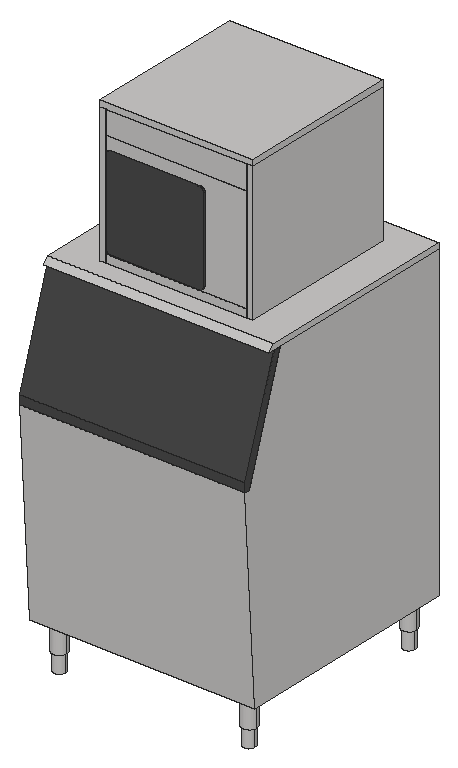
Revit family "QF_ZANUSSI_730292_IGF225M230SNP", category Attrezzature speciali, Revit 2018
Family settings
  Quota connettore circolare = Usa diametro
  Tipo di parte = Normale
  Basato su piano di lavoro = No
  Sempre verticale = Sì
  Taglio con vuoti quando caricato = No
  Condiviso = No
  Punto di calcolo locali = No
Parameters (values of type "Standard")
  Weight = 52.00 kg
  Watts = 0 W
  Volts = 220 V
  URL Manufacturer = "http://www.zanussiprofessional.com"
  URL = "http://www.zanussiprofessional.com"
  Steam Supply Size = 0 mm
  Steam Supply Minimum Pressure = 0.0 Pa
  Steam Supply Maximum Pressure = 0.0 Pa
  Steam Pounds per Hour = 0
  Show Logo [instance] = yes
  Show Clearance [instance] = yes
  Refrigeration Suction Line Size = 0 mm
  Refrigeration Liquid Line Size = 0 mm
  Refrigerant Compressor Remote = yes
  Produttore = "Zanussi"
  Phase = 1
  Modello = "IGF225M230SNP"
  Length Actual = 762 mm  # constant formula
  Item Number = "730292"
  Hot Water Size = 0 mm
  Height Actual = 1751 mm  # constant formula
  HP = "0 HP"
  Gas Size = 0 mm
  Gas KW = 0
  Gas Input Pressure = 0 W
  Descrizione = "WATER COOLED GRANULAR ICE 234KG/24H+BIN 230KG MODULAR"
  Depth Actual = 819 mm  # constant formula
  Cycle = 50 Hz
  Condensate Return Size = 0 mm
  Compressed Air Volume = 0.0 L/s
  Compressed Air Size = 0 mm
  Compressed Air Pressure = 0.0 Pa
  Cold Water Size = 19.05 mm
  Accessory = yes
Reference planes
  plane 1 "Center X": y = 272.851
  plane 2: z = 0
  plane 3 "Center Y": x = -501.5
  plane 4 "TOP": z = 1710
  plane 5: x = -264
  plane 6: z = 1252
  plane 7: z = 1690
  plane 8: z = 1610
  plane 9 "LEFT": x = -882.5
  plane 10 "RIGHT": x = -120.5
  plane 11 "FRONT": y = -136.649
  plane 12 "BACK": y = 682.351
  plane 13: z = 153
  plane 14: z = 825
  plane 15: y = -93.649
  plane 16: z = 1224
  plane 17: y = -35.649
  plane 18: z = 1204
Forms (mm)
  Extrusion 1, solid, material "QF_Finishes_Stainless Steel"
    sketch origin (0, 50.5, 1224) x (1, 0, 0) y (0, 1, 0)
      loop
        line (-759, 547.851) -> (-759, -2.149) -> (-739, -2.149) -> (-739, 547.851) -> (-759, 547.851)
      loop
        line (-264, 547.851) -> (-264, -2.149) -> (-244, -2.149) -> (-244, 547.851) -> (-264, 547.851)
    from 0 to 466
  Extrusion 2, solid, material "QF_Finishes_Stainless Steel"
    sketch origin (0, 50.5, 1224) x (1, 0, 0) y (0, 1, 0)
      loop
        line (-759, 547.851) -> (-759, -2.149) -> (-244, -2.149) -> (-244, 547.851) -> (-759, 547.851)
    from 466 to 486
  Extrusion 3, solid, material "QF_Finishes_Stainless Steel"
    sketch origin (0, 50.5, 1224) x (1, 0, 0) y (0, 1, 0)
      loop
        line (-739, 547.851) -> (-739, -2.149) -> (-264, -2.149) -> (-264, 547.851) -> (-739, 547.851)
    from 0 to 28
  Extrusion 4, solid, material "QF_Finishes_Black"
    sketch origin (-264, 48.351, 1224) x (-1, 0, 0) y (0, 0, -1)
      loop
        arc (457.5, -346) -> (468.107, -341.607) -> (472.5, -331) r 15
        line (472.5, -331) -> (472.5, -46.529)
        arc (472.5, -46.529) -> (468.107, -35.923) -> (457.5, -31.529) r 15
        line (457.5, -31.529) -> (156.771, -31.529)
        arc (156.771, -31.529) -> (146.165, -35.923) -> (141.771, -46.529) r 15
        line (141.771, -46.529) -> (141.771, -331)
        arc (141.771, -331) -> (146.165, -341.607) -> (156.771, -346) r 15
        line (156.771, -346) -> (457.5, -346)
    from 0 to 2
  Extrusion 5, solid, material "QF_Finishes_Stainless Steel"
    sketch origin (0, 50.5, 1582) x (1, 0, 0) y (0, 1, 0)
      loop
        line (-739, 17.851) -> (-739, -2.149) -> (-264, -2.149) -> (-264, 17.851) -> (-739, 17.851)
    from 28 to 108
  Extrusion 6, solid, material "QF_Finishes_Stainless Steel"
    sketch origin (-501.5, 50.5, 1224) x (0, 1, 0) y (0, 0, 1)
      loop
        line (547.851, 28) -> (547.851, 466) -> (17.851, 466) -> (17.851, 386) -> (-2.149, 386) -> (-2.149, 28) -> (547.851, 28)
    from -237.5 to 237.5
  Extrusion 7, solid, material "QF_Finishes_Stainless Steel"
    sketch origin (-530.119, 598.351, 466.153) x (0, 0, -1) y (-1, 0, 0)
      loop
        circle (-808.847, -214.119) r 10
    from 0 to 10
  Extrusion 8, solid, material "QF_Finishes_Stainless Steel"
    sketch origin (-560.119, 598.351, 479.153) x (0, 0, -1) y (-1, 0, 0)
      loop
        circle (-808.847, -214.119) r 10
    from 0 to 10
  Extrusion 9, solid, material "QF_Finishes_Stainless Steel"
    sketch origin (-570.119, 598.351, 454.153) x (0, 0, -1) y (-1, 0, 0)
      loop
        circle (-808.847, -214.119) r 10
    from 0 to 10
  Extrusion 10, solid, material "QF_Finishes_Stainless Steel"
    sketch origin (-501.5, 0, 0) x (0, 1, 0) y (0, 0, 1)
      loop
        line (-93.649, 153) -> (682.351, 153) -> (682.351, 1204) -> (8.276, 1204) -> (-122.224, 825) -> (-136.649, 825) -> (-93.649, 153)
    from -381 to 381
  Extrusion 11, solid, material "QF_Finishes_Black"
    sketch origin (-501.5, 0, 0) x (0, 1, 0) y (0, 0, 1)
      loop
        line (-122.224, 825) -> (8.276, 1204) -> (-16.479, 1204) -> (-136.649, 855) -> (-136.649, 825) -> (-122.224, 825)
    from -381 to 381
  Extrusion 12, solid, material "QF_Finishes_Stainless Steel"
    sketch origin (-501.5, 0, 0) x (0, 1, 0) y (0, 0, 1)
      loop
        line (682.351, 1204) -> (682.351, 1224) -> (-17.149, 1224) -> (-35.649, 1204) -> (682.351, 1204)
    from -381 to 381
  Extrusion 13, solid, material "QF_Finishes_Stainless Steel"
    sketch origin (-412.402, 52.938, 153) x (1, 0, 0) y (0, -1, 0)
      loop
        circle (-89.098, -499.413) r 10
    from 0 to 10
Lines and regions (mm)
  Split face 1
    outline origin (-264, 48.351, 1582) x (-1, 0, 0) y (0, 0, -1)
      loop
        line (111.166, -89.646) -> (111.166, -44.646) -> (36.166, -44.646) -> (36.166, -89.646) -> (111.166, -89.646)
  Split face 2
    outline origin (-264, 48.351, 1582) x (-1, 0, 0) y (0, 0, -1)
      loop
        line (66.801, -84.104) -> (66.801, -49.914) -> (41.176, -49.914) -> (41.176, -84.104) -> (66.801, -84.104)
  symbolic lines
    curve 1: line (-759, 598.351, 0) -> (-244, 598.351, 0)
    curve 2: line (-759, 48.351, 0) -> (-759, 598.351, 0)
    curve 3: line (-244, 48.351, 0) -> (-759, 48.351, 0)
    curve 4: line (-244, 598.351, 0) -> (-244, 48.351, 0)
    curve 5: line (-882.5, 682.351, 0) -> (-120.5, 682.351, 0)
    curve 6: line (-882.5, -136.649, 0) -> (-882.5, 682.351, 0)
    curve 7: line (-120.5, -136.649, 0) -> (-882.5, -136.649, 0)
    curve 8: line (-120.5, 682.351, 0) -> (-120.5, -136.649, 0)
    curve 9: line (-882.5, -35.649, 0) -> (-120.5, -35.649, 0)
    curve 10: line (-882.5, -17.149, 0) -> (-120.5, -17.149, 0)
Dimensions and locks
  Extrusion 3 to plane 2 = 1224 mm
  locked: plane 4 "TOP" to plane 7 at 20
  locked: plane 7 to plane 8 at 80
  equal spacing: plane 9 "LEFT", plane 3 "Center Y", plane 10 "RIGHT"
  plane 9 "LEFT" to plane 10 "RIGHT" = 762 mm
  equal spacing: plane 12 "BACK", plane 1 "Center X", plane 11 "FRONT"
  plane 12 "BACK" to plane 11 "FRONT" = 819 mm
  locked: plane 13 to plane 2 at 153
  plane 14 to plane 13 = 672 mm
  plane 12 "BACK" to plane 15 = 776 mm
  plane 12 "BACK" to plane 17 = 718 mm  (x2)
  aligned and locked: level to plane 2
  aligned and locked: plane 5 to Extrusion 1 sketch curve
  aligned and locked: plane 7 to Extrusion 1
  aligned and locked: Extrusion 2 sketch curve to Extrusion 1  (x4)
  aligned and locked: plane 4 "TOP" to Extrusion 2
  aligned and locked: Extrusion 2 to Extrusion 1
  aligned and locked: Extrusion 3 sketch curve to Extrusion 1  (x4)
  aligned and locked: plane 6 to Extrusion 3
  aligned and locked: Extrusion 6 sketch curve to plane 7
  aligned and locked: plane 6 to Extrusion 6 sketch curve
  aligned and locked: Extrusion 6 sketch curve to plane 8
  aligned and locked: Extrusion 6 sketch curve to Extrusion 5
  aligned and locked: plane 5 to Extrusion 6
  aligned and locked: plane 10 "RIGHT" to Extrusion 10
  aligned and locked: Extrusion 10 to plane 9 "LEFT"
  aligned and locked: plane 10 "RIGHT" to Extrusion 11
  aligned and locked: Extrusion 11 to plane 9 "LEFT"
  aligned and locked: plane 10 "RIGHT" to Extrusion 12
  aligned and locked: Extrusion 12 to plane 9 "LEFT"
Automatic sketch dimensions
  plane 6 to Extrusion 4 sketch curve = 18.529 mm
  plane 3 "Center Y" to Extrusion 4 sketch curve = 95.729 mm
  plane 6 to Extrusion 4 sketch curve = 3.529 mm
  Extrusion 4 sketch curve to Extrusion 4 sketch curve = 15 mm  (x2)
  Extrusion 4 sketch curve to plane 8 = 55 mm
  Extrusion 5 sketch curve to plane 5 = 0 mm
  Split face 1 sketch curve to Extrusion 5 = 36.166 mm
  Split face 1 sketch curve to Extrusion 5 = 16.646 mm
  Split face 1 sketch curve to Split face 1 sketch curve = 75 mm
  Split face 1 sketch curve to Extrusion 5 = 18.354 mm
  Split face 2 sketch curve to Extrusion 5 = 41.176 mm
  Split face 2 sketch curve to Split face 2 sketch curve = 25.625 mm
  Split face 2 sketch curve to Extrusion 5 = 23.896 mm
  Split face 2 sketch curve to Extrusion 5 = 21.914 mm
  Extrusion 6 to Extrusion 7 sketch curve = 23 mm
  Extrusion 6 to Extrusion 7 sketch curve = 52 mm
  Extrusion 6 to Extrusion 8 sketch curve = 36 mm
  Extrusion 6 to Extrusion 8 sketch curve = 82 mm
  Extrusion 6 to Extrusion 9 sketch curve = 11 mm
  Extrusion 6 to Extrusion 9 sketch curve = 92 mm
  Extrusion 10 sketch curve to plane 11 "FRONT" = 0 mm
  Extrusion 10 sketch curve to plane 13 = 0 mm
  Extrusion 10 sketch curve to plane 15 = 0 mm
  Extrusion 10 sketch curve to plane 15 = 28.575 mm
  Extrusion 10 sketch curve to plane 14 = 0 mm
  Extrusion 10 sketch curve to plane 16 = 20 mm
  Extrusion 10 sketch curve to plane 12 "BACK" = 0 mm
  Extrusion 12 sketch curve to plane 17 = 0 mm
  Extrusion 12 sketch curve to plane 12 "BACK" = 0 mm
  Extrusion 12 sketch curve to plane 18 = 0 mm
  Extrusion 12 sketch curve to plane 16 = 0 mm
  Extrusion 11 sketch curve to plane 11 "FRONT" = 0 mm
  Extrusion 11 sketch curve to plane 14 = 0 mm
  Extrusion 11 sketch curve to plane 18 = 0 mm
  Extrusion 11 sketch curve to Extrusion 11 sketch curve = 14.425 mm
  Extrusion 11 sketch curve to Extrusion 11 sketch curve = 30 mm
  curve 6 to plane 9 "LEFT" = 0 mm
  curve 8 to plane 10 "RIGHT" = 0 mm
  curve 7 to plane 11 "FRONT" = 0 mm
  plane 17 to curve 9 = 0 mm
  curve 5 to plane 12 "BACK" = 0 mm
  Extrusion 13 sketch curve to Extrusion 10 = 381 mm
  Extrusion 13 sketch curve to Extrusion 10 = 130 mm
  plane 5 to curve 4 = 20 mm
  Extrusion 1 sketch curve to Extrusion 1 sketch curve = 20 mm  (x2)
  plane 9 "LEFT" to curve 2 = 123.5 mm
  plane 9 "LEFT" to Extrusion 1 sketch curve = 143.5 mm
  plane 9 "LEFT" to Extrusion 4 sketch curve = 161 mm  (x2)
  plane 9 "LEFT" to Extrusion 5 sketch curve = 143.5 mm
  curve 1 to plane 12 "BACK" = 84 mm
  Extrusion 1 sketch curve to plane 12 "BACK" = 84 mm  (x2)
  Extrusion 6 sketch curve to plane 12 "BACK" = 84 mm
  curve 2 to plane 17 = 84 mm
  curve 10 to plane 17 = 18.5 mm
  Extrusion 1 sketch curve to plane 17 = 84 mm  (x2)
  Extrusion 5 sketch curve to plane 17 = 84 mm
  Extrusion 5 sketch curve to Extrusion 5 sketch curve = 20 mm
  Extrusion 6 sketch curve to Extrusion 6 sketch curve = 20 mm
  Extrusion 10 sketch curve to plane 17 = 43.925 mm
  Extrusion 11 sketch curve to plane 17 = 19.17 mm
  Extrusion 11 sketch curve to Extrusion 11 sketch curve = 24.755 mm
  Extrusion 12 sketch curve to plane 17 = 18.5 mm
  radius of Extrusion 7 sketch curve = 10 mm
  radius of Extrusion 8 sketch curve = 10 mm
  radius of Extrusion 9 sketch curve = 10 mm
  radius of Extrusion 13 sketch curve = 10 mm
Nested families
  nested 1: "Foot_Complete" at (-822.5, -43.649, 0), type "Foot_Complete"
  nested 2: "Foot_Complete" at (-180.5, -43.649, 0) x (-1, 0, 0) z (0, 0, 1), type "Foot_Complete"
  nested 3: "Foot_Complete" at (-822.5, 632.351, 0), type "Foot_Complete"
  nested 4: "Foot_Complete" at (-180.5, 632.351, 0) x (-1, 0, 0) z (0, 0, 1), type "Foot_Complete"
Connectors
  electrical at (-346, 608.351, 1288), driven by "Volts"
    settings: on Extrusion 8, index 1, voltage 220 V, apparent load 0 VA, apparent load phase1 0 VA, apparent load phase2 0 VA, apparent load phase3 0 VA, power factor 1, load classification "Altro", number of poles 1, system type 30, power factor state 1, is connector primary yes, connector utility no, sub classification motor no, connector description "Electrical Connection"
  piping at (-316, 608.351, 1275), diameter 20
    settings: on Extrusion 7, index 2, connector inside diameter 609.6 mm, connector length 0 mm, flow factor 0, pipe flow 0.0 L/s, pressure drop 0.0 Pa, fitting loss kfactor 0, connector angle 0.00°, fixture units 0, engagement length 0 mm, angle of deflection 0.00°, flow configuration 0, flow direction 0, fitting loss method 0, system type 20, joint type 0, gender type 0, connector reference index -1, connector utility 0, adjustable connector no, is connector primary yes, connector description "Cold water"
  piping at (-356, 608.351, 1263), diameter 20
    settings: on Extrusion 9, index 3, connector inside diameter 609.6 mm, connector length 0 mm, flow factor 0, pipe flow 0.0 L/s, pressure drop 0.0 Pa, fitting loss kfactor 0, connector angle 0.00°, fixture units 0, engagement length 0 mm, angle of deflection 0.00°, flow configuration 0, flow direction 0, fitting loss method 0, system type 16, joint type 0, gender type 0, connector reference index -1, connector utility 0, adjustable connector no, is connector primary no, connector description "Drain"
  piping at (-501.5, 552.351, 143), diameter 20
    settings: on Extrusion 13, index 4, connector inside diameter 609.6 mm, connector length 0 mm, flow factor 0, pipe flow 0.0 L/s, pressure drop 0.0 Pa, fitting loss kfactor 0, connector angle 0.00°, fixture units 0, engagement length 0 mm, angle of deflection 0.00°, flow configuration 0, flow direction 0, fitting loss method 0, system type 16, joint type 0, gender type 0, connector reference index -1, connector utility 0, adjustable connector no, is connector primary no, connector description "Drain"
Definition of nested family "Foot_Complete"
  Parameters (values of type "Foot_Complete")
    R = 25 mm
    H = 153 mm
  Reference planes
    plane 1 "Centro (Fronte/Retro)": y = 0
    plane 2: z = 0
    plane 3 "Centro (Sinistra/Destra)": x = 0
    plane 4: z = 153
  Forms (mm)
    Revolve 1, solid
      sketch origin (255.05, 0, 608.09) x (0, 0, 1) y (-1, 0, 0)
        loop
          line (-608.09, 255.05) -> (-608.09, 235.05) -> (-548.09, 235.05) -> (-548.09, 230.05) -> (-455.09, 230.05) -> (-455.09, 255.05) -> (-608.09, 255.05)
        axis (-608.09, 255.05) -> (-455.09, 255.05)
      angle from 0 to 360
  Dimensions and locks
    level to Revolve 1 sketch curve = 60 mm
    "R": Revolve 1 sketch curve to plane 3 "Centro (Sinistra/Destra)"
    "H": plane 4 to level
    aligned and locked: level to plane 2
    aligned and locked: plane 4 to Revolve 1 sketch curve
    aligned and locked: Revolve 1 sketch curve to level
    aligned and locked: plane 3 "Centro (Sinistra/Destra)" to Revolve 1 sketch curve
  Automatic sketch dimensions
    Revolve 1 sketch curve to plane 3 "Centro (Sinistra/Destra)" = 0 mm
    plane 3 "Centro (Sinistra/Destra)" to Revolve 1 sketch curve = 20 mm
    Revolve 1 sketch curve to Revolve 1 sketch curve = 50 mm
    Revolve 1 sketch curve to Revolve 1 sketch curve = 20 mm
